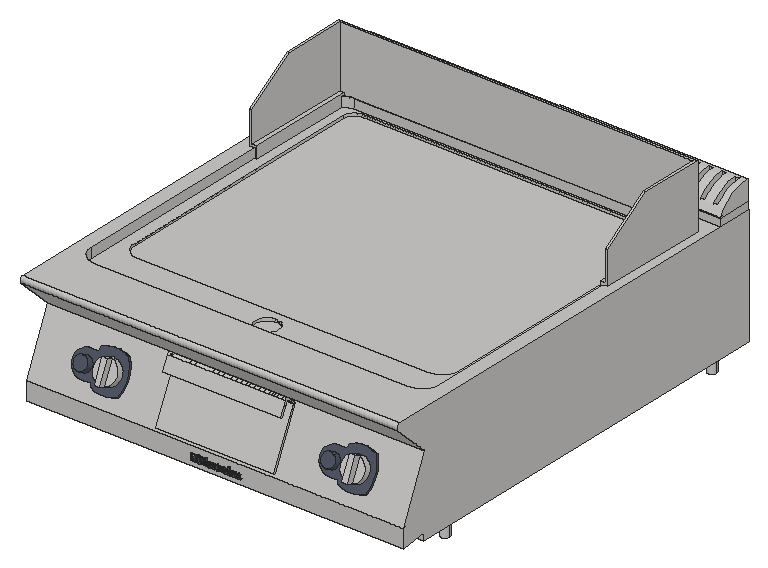
Revit family "QF_ELECTROLUXPROFESSIONAL_391401_E9IINAAOMEA", category Specialty Equipment, Revit 2018
Family settings
  Round Connector Dimension = Use Diameter
  Part Type = Normal
  Work Plane-Based = No
  Always vertical = Yes
  Cut with Voids When Loaded = No
  Shared = No
  Room Calculation Point = No
Parameters
  Width = 800 mm  # constant formula
  Weight in Pounds = 105  # constant formula
  Watts = 0 W
  URL Cutsheet = "www.electrolux.com/foodservice"
  URL = "www.electrolux.com/foodservice"
  Type Mark [instance] = ""
  Status [instance] = ""
  Specification by User [instance] = ""
  Specification by Manufacturer = ""
  Show Logo [instance] = yes
  Show Clearance [instance] = yes
  Serial Number = ""
  Seismic Rating = ""
  SMACNA No = ""
  Revision Code [instance] = ""
  Omniclass Number and Title = ""
  NAFEM Spec ID Number = ""
  Model = "391050"
  Mechanical Remarks [instance] = ""
  Mechanical Connection Type [instance] = ""
  Masterspec = ""
  Manufacturer = "ELECTROLUX"
  Item Number [instance] = ""
  Installed By [instance] = ""
  Identify Quantity as Lot [instance] = yes
  Height = 410 mm  # constant formula
  HP = "0 HP"
  Gas Size = 1/2"
  Gas RI Height [instance] = 0 mm
  Gas KW [instance] = 20
  Gas Input [instance] = 68180.0 Btu/h
  Gas Connection Height = 0 mm
  Furnished By [instance] = ""
  Foodservice Equipment Identifier [instance] = yes
  Direct Waste Size = 0"
  Description = "900XP FULL MODULE GAS FRY TOP, SMOOTH HORIZONTAL PLATE, MILD STEEL"
  Depth = 930 mm  # constant formula
  CSI MasterFormat = ""
  CSI Master Format = ""
  Base Height [instance] = 24 mm  # constant formula
Reference planes
  plane 1 "BACK": y = 0
  plane 2: z = 0
  plane 3 "LEFT": x = 0
  plane 4 "RIGHT": x = 800
  plane 5 "FRONT": y = -930
  plane 6 "TOP": z = 410
  plane 7 "Center Y": x = 400
  plane 8 "Center X": y = -465
  plane 9 "BASE": z = 24
  plane 10: y = -790
  plane 11: y = -82
  plane 12: x = 348
  plane 13: y = -1045
  plane 14: z = 275
  plane 15: y = -664
  plane 16: y = -346.873
Forms (mm)
  Extrusion 1, solid, material "QF_Clearances", visible <- "Show Clearance", detail levels coarse
    sketch origin (0, 0, 0) x (1, 0, 0) y (0, 1, 0)
      loop
        line (0, -930) -> (0, 0) -> (800.05, 0) -> (800.05, -930) -> (900.069, -930) -> (900.069, 100.019) -> (-100.019, 100.019) -> (-100.019, -930) -> (0, -930)
    from 0 to 410
  Extrusion 2, solid, material "QF_Finishes_Stainless Steel"
    sketch origin (0, 0, 0) x (0, 1, 0) y (0, 0, 1)
      loop
        line (0, 275) -> (-923.497, 275)
        arc (-923.497, 275) -> (-929.729, 270.836) -> (-928.267, 263.485) r 6.745
        line (-928.267, 263.485) -> (-856.416, 192.634) -> (-913.772, 70.59) -> (-913.772, 32.49) -> (-859.4, 38.1) -> (-859.4, 24) -> (0, 24) -> (0, 275)
    from 0 to 800
  Extrusion 3, void
    sketch origin (0, -202.381, 275.4) x (-1, 0, 0) y (0, -1, 0)
      loop
        arc (-55.4, -88.381) -> (-37.439, -80.942) -> (-30, -62.981) r 25.4
        line (-30, -62.981) -> (-30, 578.98)
        arc (-30, 578.98) -> (-40.99, 605.513) -> (-67.523, 616.504) r 37.523
        line (-67.523, 616.504) -> (-732.477, 616.504)
        arc (-732.477, 616.504) -> (-759.01, 605.513) -> (-770, 578.98) r 37.523
        line (-770, 578.98) -> (-770, -62.981)
        arc (-770, -62.981) -> (-762.561, -80.942) -> (-744.6, -88.381) r 25.4
        line (-744.6, -88.381) -> (-55.4, -88.381)
    from 0 to -20
  Extrusion 4, solid, material "QF_Finishes_Stainless Steel"
    sketch origin (0, -200, 0) x (1, 0, 0) y (0, 1, 0)
      loop
        circle (11.112, 118) r 9.525
      loop
        circle (11.112, -590) r 9.525
      loop
        circle (788.887, 118) r 9.525
      loop
        circle (788.888, -590) r 9.525
    from 0 to 24
  Extrusion 5, solid, material "QF_Finishes_Navy Blue - Electrolux", visible <- "Show Logo"
    sketch origin (0, -913.772, 32.49) x (0, 0, 1) y (-1, 0, 0)
      loop
        line (24.036, -359.438) -> (11.67, -359.438)
        arc (11.67, -359.438) -> (17.853, -364.009) -> (24.036, -359.438) r 6.467
      loop
        arc (24.036, -358.809) -> (22.867, -353.666) -> (18.212, -351.188) r 6.338
        line (18.212, -351.188) -> (18.212, -353.234)
        arc (18.212, -353.234) -> (19.695, -356.889) -> (23.141, -358.809) r 5.941
        line (23.141, -358.809) -> (24.036, -358.809)
      loop
        arc (12.565, -358.809) -> (16.011, -356.889) -> (17.495, -353.234) r 5.941
        line (17.495, -353.234) -> (17.495, -351.188)
        arc (17.495, -351.188) -> (12.8, -353.662) -> (11.511, -358.809) r 6.504
        line (11.511, -358.809) -> (12.565, -358.809)
      loop
        line (24.711, -350.719) -> (10.967, -350.719) -> (10.967, -364.482) -> (24.711, -364.482) -> (24.711, -350.719)
      loop
        arc (24.795, -367.449) -> (24.447, -367.092) -> (24.08, -367.43) r 0.358
        arc (24.08, -367.43) -> (23.766, -368.18) -> (23.049, -368.565) r 1.216
        line (23.049, -368.565) -> (12.637, -368.565)
        arc (12.637, -368.565) -> (11.977, -368.287) -> (11.581, -367.691) r 1.238
        arc (11.581, -367.691) -> (11.186, -367.44) -> (10.88, -367.794) r 0.358
        line (10.88, -367.794) -> (10.88, -377.673) -> (13.631, -377.673) -> (13.631, -376.776)
        arc (13.631, -376.776) -> (12.722, -376.196) -> (12.267, -375.219) r 1.928
        line (12.267, -375.219) -> (12.267, -372.719)
        arc (12.267, -372.719) -> (12.542, -371.991) -> (13.231, -371.627) r 1.101
        line (13.231, -371.627) -> (17.317, -371.627) -> (17.317, -375.3)
        arc (17.317, -375.3) -> (16.965, -375.797) -> (16.399, -376.025) r 1.083
        arc (16.399, -376.025) -> (16.136, -376.331) -> (16.428, -376.609) r 0.292
        line (16.428, -376.609) -> (19.39, -376.609)
        arc (19.39, -376.609) -> (19.693, -376.336) -> (19.454, -376.006) r 0.305
        arc (19.454, -376.006) -> (18.964, -375.758) -> (18.659, -375.3) r 1.083
        line (18.659, -375.3) -> (18.659, -371.627) -> (23.336, -371.627) -> (23.336, -375.374)
        arc (23.336, -375.374) -> (23.122, -376.13) -> (22.515, -376.628) r 1.314
        arc (22.515, -376.628) -> (22.296, -377.032) -> (22.651, -377.324) r 0.361
        line (22.651, -377.324) -> (24.795, -377.324) -> (24.795, -367.449)
      loop
        arc (24.078, -378.105) -> (23.697, -379.023) -> (22.779, -379.404) r 1.299
        line (22.779, -379.404) -> (13.2, -379.404)
        arc (13.2, -379.404) -> (12.362, -379.026) -> (12.09, -378.148) r 1.118
        line (12.09, -378.148) -> (10.88, -378.148) -> (10.88, -383.498) -> (12.069, -383.498)
        arc (12.069, -383.498) -> (12.34, -382.581) -> (13.21, -382.185) r 1.153
        line (13.21, -382.185) -> (25.283, -382.185) -> (24.078, -378.105)
      loop
        line (15.845, -386.134) -> (15.845, -392.581) -> (16.644, -392.581)
        arc (16.644, -392.581) -> (19.225, -391.597) -> (20.493, -389.143) r 3.874
        line (20.493, -389.143) -> (20.493, -387.383)
        arc (20.493, -387.383) -> (19.307, -384.518) -> (16.442, -383.332) r 4.051
        line (16.442, -383.332) -> (14.434, -383.332)
        arc (14.434, -383.332) -> (11.616, -384.816) -> (10.564, -387.824) r 4.352
        arc (10.564, -387.824) -> (10.928, -390.287) -> (12.306, -392.361) r 5.713
        line (12.306, -392.361) -> (13.255, -392.361)
        arc (13.255, -392.361) -> (12.522, -390.792) -> (12.306, -389.074) r 5.579
        arc (12.306, -389.074) -> (13.1, -387.111) -> (14.979, -386.134) r 3.057
        line (14.979, -386.134) -> (15.845, -386.134)
      loop
        line (17.104, -386.134) -> (17.104, -389.716)
        arc (17.104, -389.716) -> (18.561, -389.763) -> (19.444, -388.604) r 1.59
        line (19.444, -388.604) -> (19.444, -387.774)
        arc (19.444, -387.774) -> (18.58, -386.519) -> (17.104, -386.134) r 2.184
      loop
        arc (19.895, -401.999) -> (20.384, -400.325) -> (20.542, -398.588) r 9.023
        line (20.542, -398.588) -> (20.542, -397.225)
        arc (20.542, -397.225) -> (19.382, -394.426) -> (16.583, -393.266) r 3.959
        line (16.583, -393.266) -> (13.982, -393.266)
        arc (13.982, -393.266) -> (11.701, -394.559) -> (10.583, -396.932) r 4.331
        line (10.583, -396.932) -> (10.583, -399.067)
        arc (10.583, -399.067) -> (11.092, -400.617) -> (12.013, -401.963) r 5.772
        arc (12.013, -401.963) -> (12.775, -402.014) -> (12.861, -401.255) r 0.553
        arc (12.861, -401.255) -> (12.474, -400.521) -> (12.34, -399.702) r 2.573
        line (12.34, -399.702) -> (12.34, -398.187)
        arc (12.34, -398.187) -> (13.346, -396.545) -> (15.16, -395.903) r 2.884
        line (15.16, -395.903) -> (16.439, -395.903)
        arc (16.439, -395.903) -> (18.26, -396.463) -> (19.187, -398.128) r 2.554
        line (19.187, -398.128) -> (19.187, -399.181)
        arc (19.187, -399.181) -> (18.855, -400.109) -> (18.198, -400.844) r 2.564
        arc (18.198, -400.844) -> (17.977, -401.561) -> (18.586, -401.999) r 0.643
        line (18.586, -401.999) -> (19.895, -401.999)
      loop
        line (18.877, -402.269) -> (18.877, -403.77) -> (12.829, -403.77)
        arc (12.829, -403.77) -> (11.241, -404.428) -> (10.583, -406.016) r 2.246
        line (10.583, -406.016) -> (10.583, -407.6)
        arc (10.583, -407.6) -> (10.897, -408.464) -> (11.398, -409.236) r 4.06
        arc (11.398, -409.236) -> (12.13, -409.369) -> (12.382, -408.668) r 0.576
        arc (12.382, -408.668) -> (12.276, -408.142) -> (12.34, -407.61) r 1.69
        arc (12.34, -407.61) -> (12.881, -406.822) -> (13.788, -406.519) r 1.506
        line (13.788, -406.519) -> (18.926, -406.519) -> (18.926, -408.916) -> (19.482, -409.472) -> (20.304, -409.472) -> (20.304, -406.612) -> (23.535, -406.612) -> (18.877, -402.269)
      loop
        line (10.801, -410.37) -> (10.801, -415.757) -> (11.911, -415.757)
        arc (11.911, -415.757) -> (12.305, -414.806) -> (13.256, -414.412) r 1.345
        line (13.256, -414.412) -> (16.872, -414.412)
        arc (16.872, -414.412) -> (17.637, -415.003) -> (17.926, -415.926) r 1.615
        line (17.926, -415.926) -> (17.926, -417.482) -> (20.482, -418.167) -> (20.482, -416.784) -> (18.539, -414.225) -> (20.42, -414.225) -> (20.135, -411.519)
        arc (20.135, -411.519) -> (19.696, -410.989) -> (19.037, -411.19) r 0.621
        arc (19.037, -411.19) -> (18.636, -411.532) -> (18.142, -411.715) r 1.501
        line (18.142, -411.715) -> (13.256, -411.715)
        arc (13.256, -411.715) -> (12.305, -411.321) -> (11.911, -410.37) r 1.345
        line (11.911, -410.37) -> (10.801, -410.37)
      loop
        line (16.903, -417.704) -> (14.21, -417.704)
        arc (14.21, -417.704) -> (11.765, -419.012) -> (10.631, -421.542) r 4.288
        arc (10.631, -421.542) -> (10.568, -422.923) -> (10.631, -424.303) r 15.022
        arc (10.631, -424.303) -> (11.765, -426.833) -> (14.21, -428.141) r 4.288
        line (14.21, -428.141) -> (16.903, -428.141)
        arc (16.903, -428.141) -> (19.348, -426.833) -> (20.482, -424.303) r 4.288
        arc (20.482, -424.303) -> (20.546, -422.923) -> (20.482, -421.542) r 15.022
        arc (20.482, -421.542) -> (19.348, -419.012) -> (16.903, -417.704) r 4.288
      loop
        line (17.107, -420.818) -> (14.006, -420.818)
        arc (14.006, -420.818) -> (11.849, -422.975) -> (14.006, -425.132) r 2.157
        line (14.006, -425.132) -> (17.107, -425.132)
        arc (17.107, -425.132) -> (19.264, -422.975) -> (17.107, -420.818) r 2.157
      loop
        arc (24.088, -427.999) -> (23.718, -428.893) -> (22.824, -429.264) r 1.264
        line (22.824, -429.264) -> (12.959, -429.264)
        arc (12.959, -429.264) -> (12.089, -428.867) -> (11.818, -427.951) r 1.153
        line (11.818, -427.951) -> (10.88, -427.951) -> (10.88, -433.059) -> (11.809, -433.059)
        arc (11.809, -433.059) -> (12.168, -432.287) -> (12.959, -431.972) r 1.153
        line (12.959, -431.972) -> (25.283, -431.972) -> (24.088, -427.999)
      loop
        arc (19.208, -432.596) -> (19.009, -433.661) -> (18.04, -434.143) r 1.215
        line (18.04, -434.143) -> (13.02, -434.143)
        arc (13.02, -434.143) -> (11.406, -434.79) -> (10.685, -436.373) r 2.338
        line (10.685, -436.373) -> (10.685, -437.888)
        arc (10.685, -437.888) -> (10.859, -438.892) -> (11.362, -439.778) r 2.979
        line (11.362, -439.778) -> (10.88, -441.574) -> (10.88, -443.263) -> (20.306, -443.263) -> (20.012, -439.06) -> (19.225, -439.06)
        arc (19.225, -439.06) -> (18.87, -439.896) -> (18.117, -440.405) r 1.605
        line (18.117, -440.405) -> (13.015, -440.405)
        arc (13.015, -440.405) -> (12.594, -439.468) -> (12.522, -438.444) r 2.94
        arc (12.522, -438.444) -> (13.082, -437.343) -> (14.236, -436.9) r 1.724
        line (14.236, -436.9) -> (20.432, -436.9) -> (19.208, -432.596)
      loop
        line (20.237, -444.117) -> (18.564, -446.163) -> (15.391, -448.469) -> (11.934, -445.357)
        arc (11.934, -445.357) -> (11.697, -444.963) -> (11.719, -444.504) r 0.789
        line (11.719, -444.504) -> (10.88, -444.504) -> (10.88, -448.049) -> (11.707, -448.049)
        arc (11.707, -448.049) -> (12.049, -447.687) -> (12.539, -447.779) r 0.52
        line (12.539, -447.779) -> (14.339, -449.25) -> (12.22, -450.625)
        arc (12.22, -450.625) -> (11.819, -450.315) -> (11.733, -449.816) r 0.7
        line (11.733, -449.816) -> (10.88, -449.816) -> (10.88, -455.743) -> (11.767, -455.743)
        arc (11.767, -455.743) -> (11.834, -455.084) -> (12.229, -454.552) r 1.247
        line (12.229, -454.552) -> (16.428, -451.271) -> (18.876, -453.325) -> (20.237, -455.067) -> (20.237, -451.343) -> (18.752, -451.766) -> (17.23, -450.489) -> (18.93, -449.299) -> (20.237, -450.075) -> (20.237, -444.117)
    from 0 to 1.644
  Extrusion 6, solid, material "QF_Finishes_Stainless Steel"
    sketch origin (400, 175.397, 1219.2) x (0, 1, 0) y (0, 0, 1)
      loop
        line (-1034.547, -1030.322) -> (-1050.635, -1014.234)
        arc (-1050.635, -1014.234) -> (-1055.102, -1012.832) -> (-1058.806, -1015.696) r 5.058
        line (-1058.806, -1015.696) -> (-1071.468, -1043.206) -> (-1068.584, -1044.534) -> (-1055.922, -1017.024)
        arc (-1055.922, -1017.024) -> (-1054.543, -1015.957) -> (-1052.88, -1016.479) r 1.883
        line (-1052.88, -1016.479) -> (-1038.037, -1031.322) -> (-1088.871, -1141.767) -> (-1086.511, -1142.854) -> (-1034.547, -1030.322)
    from -125 to 125
  Extrusion 7, solid, material "QF_Door-Drawer Clearances", visible <- "Show Clearance", detail levels coarse
    sketch origin (0, -301.6, 0) x (0, 1, 0) y (0, 0, 1)
      loop
        line (-576.323, 206.368) -> (-709.631, 206.368)
        arc (-709.631, 206.368) -> (-711.835, 205.39) -> (-713.335, 203.504) r 5.058
        line (-713.335, 203.504) -> (-725.997, 175.994) -> (-723.113, 174.666) -> (-710.451, 202.176)
        arc (-710.451, 202.176) -> (-709.072, 203.243) -> (-707.409, 202.721) r 1.883
        line (-707.409, 202.721) -> (-692.566, 187.878) -> (-743.4, 77.433) -> (-740.516, 76.105) -> (-609.625, 76.105) -> (-557.55, 188.878) -> (-573.638, 204.966)
        arc (-573.638, 204.966) -> (-574.873, 205.873) -> (-576.323, 206.368) r 5.058
    from 275 to 525
  Extrusion 8, solid, material "QF_Finishes_Stainless Steel"
    sketch origin (0, 0, 24) x (-1, 0, 0) y (0, 1, 0)
      loop
        circle (-748, -664) r 6.4
    from 0 to 18
  Extrusion 9, solid, material "QF_Finishes_Stainless Steel"
    sketch origin (0, 0, 0) x (0, -1, 0) y (0, 0, 1)
      loop
        line (74.012, 275) -> (74.012, 290) -> (0, 290) -> (0, 275) -> (74.012, 275)
    from 0 to -400.05
  Extrusion 10, solid, material "QF_Finishes_Stainless Steel"
    sketch origin (0, 0, 0) x (0, 1, 0) y (0, 0, 1)
      loop
        line (0, 290) -> (0, 332.913)
        arc (0, 332.913) -> (-42.275, 322.697) -> (-74.012, 292.959) r 85.267
        line (-74.012, 292.959) -> (-74.012, 290) -> (0, 290)
    from 0 to 400
  Extrusion 11, void
    sketch origin (0, 0, 273.238) x (-1, 0, 0) y (0, -1, 0)
      loop
        line (-13.453, 6.761) -> (-13.453, 62.911) -> (-22.749, 62.911) -> (-22.749, 6.761) -> (-13.453, 6.761)
    from 25.4 to 63.5
  Extrusion 12, void
    sketch origin (400.05, 0, 273.238) x (1, 0, 0) y (0, 1, 0)
      loop
        line (-13.503, -6.761) -> (-22.799, -6.761) -> (-22.799, -62.911) -> (-13.503, -62.911) -> (-13.503, -6.761)
    from 25.4 to 63.5
  Extrusion 13, void
    sketch origin (27.988, 0, 273.238) x (-1, 0, 0) y (0, -1, 0)
      loop
        line (-13.453, 6.761) -> (-13.453, 62.911) -> (-22.749, 62.911) -> (-22.749, 6.761) -> (-13.453, 6.761)
    from 25.4 to 63.5
  Extrusion 14, void
    sketch origin (55.977, 0, 273.238) x (-1, 0, 0) y (0, -1, 0)
      loop
        line (-13.453, 6.761) -> (-13.453, 62.911) -> (-22.749, 62.911) -> (-22.749, 6.761) -> (-13.453, 6.761)
    from 25.4 to 63.5
  Extrusion 15, void
    sketch origin (83.965, 0, 273.238) x (-1, 0, 0) y (0, -1, 0)
      loop
        line (-13.428, 6.761) -> (-13.428, 62.911) -> (-22.724, 62.911) -> (-22.724, 6.761) -> (-13.428, 6.761)
    from 25.4 to 63.5
  Extrusion 16, void
    sketch origin (111.953, 0, 273.238) x (-1, 0, 0) y (0, -1, 0)
      loop
        line (-13.428, 6.761) -> (-13.428, 62.911) -> (-22.724, 62.911) -> (-22.724, 6.761) -> (-13.428, 6.761)
    from 25.4 to 63.5
  Extrusion 17, void
    sketch origin (139.942, 0, 273.238) x (-1, 0, 0) y (0, -1, 0)
      loop
        line (-13.428, 6.761) -> (-13.428, 62.911) -> (-22.724, 62.911) -> (-22.724, 6.761) -> (-13.428, 6.761)
    from 25.4 to 63.5
  Extrusion 18, void
    sketch origin (167.93, 0, 273.238) x (-1, 0, 0) y (0, -1, 0)
      loop
        line (-13.428, 6.761) -> (-13.428, 62.911) -> (-22.724, 62.911) -> (-22.724, 6.761) -> (-13.428, 6.761)
    from 25.4 to 63.5
  Extrusion 19, void
    sketch origin (307.872, 0, 273.238) x (-1, 0, 0) y (0, -1, 0)
      loop
        line (-13.403, 6.761) -> (-13.403, 62.911) -> (-22.699, 62.911) -> (-22.699, 6.761) -> (-13.403, 6.761)
    from 25.4 to 63.5
  Extrusion 20, void
    sketch origin (335.86, 0, 273.238) x (-1, 0, 0) y (0, -1, 0)
      loop
        line (-13.403, 6.761) -> (-13.403, 62.911) -> (-22.699, 62.911) -> (-22.699, 6.761) -> (-13.403, 6.761)
    from 25.4 to 63.5
  Extrusion 21, void
    sketch origin (228.013, 0, 273.238) x (-1, 0, 0) y (0, -1, 0)
      loop
        line (-13.428, 6.761) -> (-13.428, 62.911) -> (-22.724, 62.911) -> (-22.724, 6.761) -> (-13.428, 6.761)
    from 25.4 to 63.5
  Extrusion 22, void
    sketch origin (256.002, 0, 273.238) x (-1, 0, 0) y (0, -1, 0)
      loop
        line (-13.428, 6.761) -> (-13.428, 62.911) -> (-22.724, 62.911) -> (-22.724, 6.761) -> (-13.428, 6.761)
    from 25.4 to 63.5
  Extrusion 23, void
    sketch origin (283.99, 0, 273.238) x (-1, 0, 0) y (0, -1, 0)
      loop
        line (-13.403, 6.761) -> (-13.403, 62.911) -> (-22.699, 62.911) -> (-22.699, 6.761) -> (-13.403, 6.761)
    from 25.4 to 63.5
  Extrusion 24, void
    sketch origin (200.025, 0, 273.238) x (-1, 0, 0) y (0, -1, 0)
      loop
        line (-13.428, 6.761) -> (-13.428, 62.911) -> (-22.724, 62.911) -> (-22.724, 6.761) -> (-13.428, 6.761)
    from 25.4 to 63.5
  Extrusion 25, void
    sketch origin (0, -202.381, 255.4) x (0, -1, 0) y (-1, 0, 0)
      loop
        arc (-57.619, -55) -> (-75.579, -62.439) -> (-83.019, -80.4) r 25.4
        line (-83.019, -80.4) -> (-83.019, -719.6)
        arc (-83.019, -719.6) -> (-75.579, -737.561) -> (-57.619, -745) r 25.4
        line (-57.619, -745) -> (493.98, -745)
        arc (493.98, -745) -> (520.513, -734.01) -> (531.504, -707.477) r 37.523
        line (531.504, -707.477) -> (531.504, -92.523)
        arc (531.504, -92.523) -> (520.513, -65.99) -> (493.98, -55) r 37.523
        line (493.98, -55) -> (-57.619, -55)
      loop
        circle (572.619, -400) r 25
    from 0 to 5
  Extrusion 26, void
    sketch origin (785, 0, 275) x (0, 0, -1) y (0, -1, 0)
      loop
        line (-70, 346.873) -> (-135, 346.873) -> (-135, 246.781) -> (-70, 346.873)
    from 0 to 12.7
  Extrusion 27, void
    sketch origin (25, 0, 292.959) x (0, 0, -1) y (0, -1, 0)
      loop
        line (-52.041, 346.873) -> (-117.041, 346.873) -> (-117.041, 246.781) -> (-52.041, 346.873)
    from 0 to 12.7
  Extrusion 28, solid, material "QF_Finishes_Stainless Steel"
    sketch origin (0, -110, 275) x (0, 0, -1) y (-1, 0, 0)
      loop
        line (-135, -20) -> (-135, -780) -> (0, -780) -> (0, -20) -> (-135, -20)
    from 0 to -5
  Extrusion 29, solid, material "QF_Finishes_Stainless Steel"
    sketch origin (800, 0, 0) x (0, -1, 0) y (0, 0, -1)
      loop
        line (74.012, -275) -> (0, -275) -> (0, -290) -> (74.012, -290) -> (74.012, -275)
    from 0 to -400.05
  Extrusion 30, solid, material "QF_Finishes_Stainless Steel"
    sketch origin (800, 0, 0) x (0, 1, 0) y (0, 0, -1)
      loop
        line (0, -290) -> (-74.012, -290) -> (-74.012, -292.959)
        arc (-74.012, -292.959) -> (-42.486, -323.301) -> (0, -333.762) r 84.334
        line (0, -333.762) -> (0, -290)
    from 0 to 400
  Extrusion 31, void
    sketch origin (800, 0, 273.238) x (1, 0, 0) y (0, 1, 0)
      loop
        line (-13.453, -6.761) -> (-22.749, -6.761) -> (-22.749, -62.911) -> (-13.453, -62.911) -> (-13.453, -6.761)
    from 25.4 to 63.5
  Extrusion 32, void
    sketch origin (399.95, 0, 273.238) x (-1, 0, 0) y (0, -1, 0)
      loop
        line (-13.503, 6.761) -> (-13.503, 62.911) -> (-22.799, 62.911) -> (-22.799, 6.761) -> (-13.503, 6.761)
    from 25.4 to 63.5
  Extrusion 33, void
    sketch origin (772.012, 0, 273.238) x (1, 0, 0) y (0, 1, 0)
      loop
        line (-13.453, -6.761) -> (-22.749, -6.761) -> (-22.749, -62.911) -> (-13.453, -62.911) -> (-13.453, -6.761)
    from 25.4 to 63.5
  Extrusion 34, void
    sketch origin (744.023, 0, 273.238) x (1, 0, 0) y (0, 1, 0)
      loop
        line (-13.453, -6.761) -> (-22.749, -6.761) -> (-22.749, -62.911) -> (-13.453, -62.911) -> (-13.453, -6.761)
    from 25.4 to 63.5
  Extrusion 35, void
    sketch origin (716.035, 0, 273.238) x (1, 0, 0) y (0, 1, 0)
      loop
        line (-13.428, -6.761) -> (-22.724, -6.761) -> (-22.724, -62.911) -> (-13.428, -62.911) -> (-13.428, -6.761)
    from 25.4 to 63.5
  Extrusion 36, void
    sketch origin (688.047, 0, 273.238) x (1, 0, 0) y (0, 1, 0)
      loop
        line (-13.428, -6.761) -> (-22.724, -6.761) -> (-22.724, -62.911) -> (-13.428, -62.911) -> (-13.428, -6.761)
    from 25.4 to 63.5
  Extrusion 37, void
    sketch origin (660.058, 0, 273.238) x (1, 0, 0) y (0, 1, 0)
      loop
        line (-13.428, -6.761) -> (-22.724, -6.761) -> (-22.724, -62.911) -> (-13.428, -62.911) -> (-13.428, -6.761)
    from 25.4 to 63.5
  Extrusion 38, void
    sketch origin (632.07, 0, 273.238) x (1, 0, 0) y (0, 1, 0)
      loop
        line (-13.428, -6.761) -> (-22.724, -6.761) -> (-22.724, -62.911) -> (-13.428, -62.911) -> (-13.428, -6.761)
    from 25.4 to 63.5
  Extrusion 39, void
    sketch origin (492.128, 0, 273.238) x (1, 0, 0) y (0, 1, 0)
      loop
        line (-13.403, -6.761) -> (-22.699, -6.761) -> (-22.699, -62.911) -> (-13.403, -62.911) -> (-13.403, -6.761)
    from 25.4 to 63.5
  Extrusion 40, void
    sketch origin (464.14, 0, 273.238) x (1, 0, 0) y (0, 1, 0)
      loop
        line (-13.403, -6.761) -> (-22.699, -6.761) -> (-22.699, -62.911) -> (-13.403, -62.911) -> (-13.403, -6.761)
    from 25.4 to 63.5
  Extrusion 41, void
    sketch origin (571.987, 0, 273.238) x (1, 0, 0) y (0, 1, 0)
      loop
        line (-13.428, -6.761) -> (-22.724, -6.761) -> (-22.724, -62.911) -> (-13.428, -62.911) -> (-13.428, -6.761)
    from 25.4 to 63.5
  Extrusion 42, void
    sketch origin (543.998, 0, 273.238) x (1, 0, 0) y (0, 1, 0)
      loop
        line (-13.428, -6.761) -> (-22.724, -6.761) -> (-22.724, -62.911) -> (-13.428, -62.911) -> (-13.428, -6.761)
    from 25.4 to 63.5
  Extrusion 43, void
    sketch origin (516.01, 0, 273.238) x (1, 0, 0) y (0, 1, 0)
      loop
        line (-13.403, -6.761) -> (-22.699, -6.761) -> (-22.699, -62.911) -> (-13.403, -62.911) -> (-13.403, -6.761)
    from 25.4 to 63.5
  Extrusion 44, void
    sketch origin (599.975, 0, 273.238) x (1, 0, 0) y (0, 1, 0)
      loop
        line (-13.428, -6.761) -> (-22.724, -6.761) -> (-22.724, -62.911) -> (-13.428, -62.911) -> (-13.428, -6.761)
    from 25.4 to 63.5
  Extrusion 45, solid, material "QF_Finishes_Navy Blue - Electrolux"
    sketch origin (520.456, -913.772, 69.19) x (0, 0.419232, 0.907879) y (-1, 0, 0)
      loop
        arc (102.26, -132.62) -> (97.637, -130.762) -> (92.92, -129.161) r 90.355
        arc (92.92, -129.161) -> (93.04, -117.639) -> (92.027, -106.161) r 117.12
        arc (92.027, -106.161) -> (66.337, -82.611) -> (38.409, -103.459) r 27.322
        arc (38.409, -103.459) -> (36.611, -116.6) -> (37.509, -129.833) r 65.199
        arc (37.509, -129.833) -> (34.4, -130.94) -> (31.333, -132.16) r 90.355
        arc (31.333, -132.16) -> (24.504, -161.269) -> (31.333, -190.378) r 65.456
        arc (31.333, -190.378) -> (66.877, -199.452) -> (102.26, -189.765) r 71.728
        arc (102.26, -189.765) -> (108.852, -161.193) -> (102.26, -132.62) r 65.22
      loop
        arc (102.26, 392.38) -> (97.637, 394.238) -> (92.92, 395.839) r 90.355
        arc (92.92, 395.839) -> (93.04, 407.361) -> (92.027, 418.839) r 117.12
        arc (92.027, 418.839) -> (66.337, 442.389) -> (38.409, 421.541) r 27.322
        arc (38.409, 421.541) -> (36.611, 408.4) -> (37.509, 395.167) r 65.199
        arc (37.509, 395.167) -> (34.4, 394.06) -> (31.333, 392.84) r 90.355
        arc (31.333, 392.84) -> (24.504, 363.731) -> (31.333, 334.622) r 65.456
        arc (31.333, 334.622) -> (66.877, 325.548) -> (102.26, 335.235) r 71.728
        arc (102.26, 335.235) -> (108.852, 363.807) -> (102.26, 392.38) r 65.22
    from 0 to 3.175
  Extrusion 46, solid, material "QF_Finishes_Stainless Steel"
    sketch origin (520.456, -917.486, 68.721) x (0, 0.419232, 0.907879) y (-1, 0, 0)
      loop
        circle (68.826, -160.963) r 25.4
      loop
        circle (68.826, 364.037) r 25.4
    from 0 to 12.7
  Extrusion 47, solid, material "QF_Finishes_Stainless Steel"
    sketch origin (520.456, -929.016, 74.045) x (0, 0.419232, 0.907879) y (-1, 0, 0)
      loop
        arc (93.558, -166.749) -> (94.226, -160.963) -> (93.558, -155.177) r 25.4
        line (93.558, -155.177) -> (44.094, -155.177)
        arc (44.094, -155.177) -> (43.426, -160.963) -> (44.094, -166.749) r 25.4
        line (44.094, -166.749) -> (93.558, -166.749)
      loop
        arc (93.558, 358.251) -> (94.226, 364.037) -> (93.558, 369.823) r 25.4
        line (93.558, 369.823) -> (44.094, 369.823)
        arc (44.094, 369.823) -> (43.426, 364.037) -> (44.094, 358.251) r 25.4
        line (44.094, 358.251) -> (93.558, 358.251)
    from 0 to 12.7
  Extrusion 48, solid, material "QF_Finishes_Navy Blue - Electrolux"
    sketch origin (520.456, -916.655, 70.521) x (0, 0.419232, 0.907879) y (-1, 0, 0)
      loop
        circle (65.09, -109.237) r 15
      loop
        circle (65.09, 415.763) r 15
    from 0 to 12.7
  Extrusion 49, solid, material "QF_Finishes_Stainless Steel"
    sketch origin (0, 0, 275) x (0, 0, -1) y (-1, 0, 0)
      loop
        line (19.6, -30) -> (0, -30) -> (0, -20) -> (-135, -20) -> (-135, -25) -> (-5, -25) -> (-5, -35) -> (19.6, -35) -> (19.6, -30)
      loop
        line (19.6, -770) -> (19.6, -765) -> (-5, -765) -> (-5, -775) -> (-135, -775) -> (-135, -780) -> (0, -780) -> (0, -770) -> (19.6, -770)
    from -110 to -346.873
Cuts and joins
  Extrusion 3, Extrusion 25 cuts Extrusion 2
  Extrusion 3 cuts Extrusion 28
  Extrusion 26, Extrusion 27 cuts Extrusion 49
  joined: Extrusion 2, Extrusion 28, Extrusion 49
  Extrusion 11, Extrusion 12, Extrusion 13, Extrusion 14, Extrusion 15, Extrusion 16, Extrusion 17, Extrusion 18, Extrusion 19, Extrusion 20, Extrusion 21, Extrusion 22, Extrusion 23, Extrusion 24, Extrusion 31, Extrusion 32, Extrusion 33, Extrusion 34, Extrusion 35, Extrusion 36, Extrusion 37, Extrusion 38, Extrusion 39, Extrusion 40, Extrusion 41, Extrusion 42, Extrusion 43, Extrusion 44 cuts Extrusion 10
  Extrusion 31, Extrusion 32, Extrusion 33, Extrusion 34, Extrusion 35, Extrusion 36, Extrusion 37, Extrusion 38, Extrusion 39, Extrusion 40, Extrusion 41, Extrusion 42, Extrusion 43, Extrusion 44 cuts Extrusion 30
Lines and regions (mm)
  Split face 1
    outline origin (520.456, -928.185, 75.846) x (0, 0.419232, 0.907879) y (-1, 0, 0)
      loop
        line (78.679, -108.296) -> (67.103, -108.296) -> (67.103, -110.296) -> (78.679, -110.296) -> (78.679, -108.296)
  Split face 2
    outline origin (520.456, -928.185, 75.846) x (0, 0.419232, 0.907879) y (-1, 0, 0)
      loop
        line (78.679, 414.704) -> (78.679, 416.704) -> (67.103, 416.704) -> (67.103, 414.704) -> (78.679, 414.704)
  symbolic lines, style "QF_Clearances", visible <- "Show Clearance", detail levels coarse
    curve 1: line (-100.019, 100.019, 276.225) -> (-100.019, -930, 276.225)
    curve 2: line (900.069, 100.019, 276.225) -> (-100.019, 100.019, 276.225)
    curve 3: line (900.069, -930, 276.225) -> (900.069, 100.019, 276.225)
  symbolic lines
    curve 4: line (0, -74.012, 276.225) -> (800.05, -74.012, 276.225)
    curve 5: line (0, -930.25, 276.225) -> (0, 0, 276.225)
    curve 6: line (800.05, 0, 276.225) -> (800.05, -930.25, 276.225)
    curve 7: line (30, -346.873, 276.225) -> (30, -781.362, 276.225)
    curve 8: arc (30, -781.362, 276.225) -> (40.99, -807.895, 276.225) -> (67.523, -818.885, 276.225) r 37.523
    curve 9: arc (732.477, -818.885, 276.225) -> (759.01, -807.895, 276.225) -> (770, -781.362, 276.225) r 37.523
    curve 10: line (770, -781.362, 276.225) -> (770, -346.873, 276.225)
    curve 11: line (800.05, -930.25, 276.225) -> (0, -930.25, 276.225)
    curve 12: line (67.523, -818.885, 276.225) -> (732.477, -818.885, 276.225)
    curve 16: line (0, 0, 276.225) -> (800.05, 0, 276.225)
    curve 17: line (22.749, -6.761, 276.225) -> (22.749, -62.911, 276.225)
    curve 18: line (22.749, -62.911, 276.225) -> (13.453, -62.911, 276.225)
    curve 19: line (13.453, -62.911, 276.225) -> (13.453, -6.761, 276.225)
    curve 20: line (13.453, -6.761, 276.225) -> (22.749, -6.761, 276.225)
    curve 21: line (50.737, -6.761, 276.225) -> (50.737, -62.911, 276.225)
    curve 22: line (50.737, -62.911, 276.225) -> (41.441, -62.911, 276.225)
    curve 23: line (41.441, -62.911, 276.225) -> (41.441, -6.761, 276.225)
    curve 24: line (41.441, -6.761, 276.225) -> (50.737, -6.761, 276.225)
    curve 25: line (78.725, -6.761, 276.225) -> (78.725, -62.911, 276.225)
    curve 26: line (78.725, -62.911, 276.225) -> (69.43, -62.911, 276.225)
    curve 27: line (69.43, -62.911, 276.225) -> (69.43, -6.761, 276.225)
    curve 28: line (69.43, -6.761, 276.225) -> (78.725, -6.761, 276.225)
    curve 29: line (106.689, -6.761, 276.225) -> (106.689, -62.911, 276.225)
    curve 30: line (106.689, -62.911, 276.225) -> (97.393, -62.911, 276.225)
    curve 31: line (97.393, -62.911, 276.225) -> (97.393, -6.761, 276.225)
    curve 32: line (97.393, -6.761, 276.225) -> (106.689, -6.761, 276.225)
    curve 33: line (134.677, -6.761, 276.225) -> (134.677, -62.911, 276.225)
    curve 34: line (134.677, -62.911, 276.225) -> (125.381, -62.911, 276.225)
    curve 35: line (125.381, -62.911, 276.225) -> (125.381, -6.761, 276.225)
    curve 36: line (125.381, -6.761, 276.225) -> (134.677, -6.761, 276.225)
    curve 37: line (162.665, -6.761, 276.225) -> (162.665, -62.911, 276.225)
    curve 38: line (162.665, -62.911, 276.225) -> (153.37, -62.911, 276.225)
    curve 39: line (153.37, -62.911, 276.225) -> (153.37, -6.761, 276.225)
    curve 40: line (153.37, -6.761, 276.225) -> (162.665, -6.761, 276.225)
    curve 41: line (190.654, -6.761, 276.225) -> (190.654, -62.911, 276.225)
    curve 42: line (190.654, -62.911, 276.225) -> (181.358, -62.911, 276.225)
    curve 43: line (181.358, -62.911, 276.225) -> (181.358, -6.761, 276.225)
    curve 44: line (181.358, -6.761, 276.225) -> (190.654, -6.761, 276.225)
    curve 45: line (222.749, -6.761, 276.225) -> (222.749, -62.911, 276.225)
    curve 46: line (222.749, -62.911, 276.225) -> (213.453, -62.911, 276.225)
    curve 47: line (213.453, -62.911, 276.225) -> (213.453, -6.761, 276.225)
    curve 48: line (213.453, -6.761, 276.225) -> (222.749, -6.761, 276.225)
    curve 49: line (250.737, -6.761, 276.225) -> (250.737, -62.911, 276.225)
    curve 50: line (250.737, -62.911, 276.225) -> (241.441, -62.911, 276.225)
    curve 51: line (241.441, -62.911, 276.225) -> (241.441, -6.761, 276.225)
    curve 52: line (241.441, -6.761, 276.225) -> (250.737, -6.761, 276.225)
    curve 53: line (278.725, -6.761, 276.225) -> (278.725, -62.911, 276.225)
    curve 54: line (278.725, -62.911, 276.225) -> (269.43, -62.911, 276.225)
    curve 55: line (269.43, -62.911, 276.225) -> (269.43, -6.761, 276.225)
    curve 56: line (269.43, -6.761, 276.225) -> (278.725, -6.761, 276.225)
    curve 57: line (306.689, -6.761, 276.225) -> (306.689, -62.911, 276.225)
    curve 58: line (306.689, -62.911, 276.225) -> (297.393, -62.911, 276.225)
    curve 59: line (297.393, -62.911, 276.225) -> (297.393, -6.761, 276.225)
    curve 60: line (297.393, -6.761, 276.225) -> (306.689, -6.761, 276.225)
    curve 61: line (330.57, -6.761, 276.225) -> (330.57, -62.911, 276.225)
    curve 62: line (330.57, -62.911, 276.225) -> (321.275, -62.911, 276.225)
    curve 63: line (321.275, -62.911, 276.225) -> (321.275, -6.761, 276.225)
    curve 64: line (321.275, -6.761, 276.225) -> (330.57, -6.761, 276.225)
    curve 65: line (358.559, -6.761, 276.225) -> (358.559, -62.911, 276.225)
    curve 66: line (358.559, -62.911, 276.225) -> (349.263, -62.911, 276.225)
    curve 67: line (349.263, -62.911, 276.225) -> (349.263, -6.761, 276.225)
    curve 68: line (349.263, -6.761, 276.225) -> (358.559, -6.761, 276.225)
    curve 69: line (386.547, -6.761, 276.225) -> (386.547, -62.911, 276.225)
    curve 70: line (386.547, -62.911, 276.225) -> (377.251, -62.911, 276.225)
    curve 71: line (377.251, -62.911, 276.225) -> (377.251, -6.761, 276.225)
    curve 72: line (377.251, -6.761, 276.225) -> (386.547, -6.761, 276.225)
    curve 73: line (20, -109, 276.225) -> (20, -346.873, 276.225)
    curve 74: line (785, -109, 276.225) -> (20, -109, 276.225)
    curve 75: line (785, -346.873, 276.225) -> (785, -109, 276.225)
    curve 76: line (20, -346.873, 276.225) -> (35, -346.873, 276.225)
    curve 77: line (765, -346.873, 276.225) -> (785, -346.873, 276.225)
    curve 78: arc (55, -144.762, 276.225) -> (62.439, -126.802, 276.225) -> (80.4, -119.362, 276.225) r 25.4
    curve 79: line (80.4, -119.362, 276.225) -> (719.6, -119.362, 276.225)
    curve 80: arc (719.6, -119.362, 276.225) -> (737.561, -126.802, 276.225) -> (745, -144.762, 276.225) r 25.4
    curve 81: line (745, -144.762, 276.225) -> (745, -695.362, 276.225)
    curve 82: arc (745, -695.362, 276.225) -> (734.01, -721.895, 276.225) -> (707.477, -732.885, 276.225) r 37.523
    curve 83: line (707.477, -732.885, 276.225) -> (92.523, -732.885, 276.225)
    curve 84: arc (92.523, -732.885, 276.225) -> (65.99, -721.895, 276.225) -> (55, -695.362, 276.225) r 37.523
    curve 85: line (55, -695.362, 276.225) -> (55, -144.762, 276.225)
    curve 86: line (765, -346.873, 276.225) -> (765, -114, 276.225)
    curve 87: line (780, -114, 276.225) -> (780, -346.873, 276.225)
    curve 88: line (35, -346.873, 276.225) -> (35, -114, 276.225)
    curve 89: line (25, -346.873, 276.225) -> (25, -114, 276.225)
    curve 90: line (35, -114, 276.225) -> (780, -114, 276.225)
    curve 91: arc (765, -124.267, 276.225) -> (756.019, -116.712, 276.225) -> (744.6, -114, 276.225) r 25.4
    curve 92: arc (55.4, -114, 276.225) -> (43.981, -116.712, 276.225) -> (35, -124.267, 276.225) r 25.4
    curve 93: line (777.251, -6.761, 276.225) -> (777.251, -62.911, 276.225)
    curve 94: line (777.251, -62.911, 276.225) -> (786.547, -62.911, 276.225)
    curve 95: line (786.547, -62.911, 276.225) -> (786.547, -6.761, 276.225)
    curve 96: line (786.547, -6.761, 276.225) -> (777.251, -6.761, 276.225)
    curve 97: line (749.263, -6.761, 276.225) -> (749.263, -62.911, 276.225)
    curve 98: line (749.263, -62.911, 276.225) -> (758.559, -62.911, 276.225)
    curve 99: line (758.559, -62.911, 276.225) -> (758.559, -6.761, 276.225)
    curve 100: line (758.559, -6.761, 276.225) -> (749.263, -6.761, 276.225)
    curve 101: line (721.275, -6.761, 276.225) -> (721.275, -62.911, 276.225)
    curve 102: line (721.275, -62.911, 276.225) -> (730.57, -62.911, 276.225)
    curve 103: line (730.57, -62.911, 276.225) -> (730.57, -6.761, 276.225)
    curve 104: line (730.57, -6.761, 276.225) -> (721.275, -6.761, 276.225)
    curve 105: line (693.311, -6.761, 276.225) -> (693.311, -62.911, 276.225)
    curve 106: line (693.311, -62.911, 276.225) -> (702.607, -62.911, 276.225)
    curve 107: line (702.607, -62.911, 276.225) -> (702.607, -6.761, 276.225)
    curve 108: line (702.607, -6.761, 276.225) -> (693.311, -6.761, 276.225)
    curve 109: line (665.323, -6.761, 276.225) -> (665.323, -62.911, 276.225)
    curve 110: line (665.323, -62.911, 276.225) -> (674.619, -62.911, 276.225)
    curve 111: line (674.619, -62.911, 276.225) -> (674.619, -6.761, 276.225)
    curve 112: line (674.619, -6.761, 276.225) -> (665.323, -6.761, 276.225)
    curve 113: line (637.335, -6.761, 276.225) -> (637.335, -62.911, 276.225)
    curve 114: line (637.335, -62.911, 276.225) -> (646.63, -62.911, 276.225)
    curve 115: line (646.63, -62.911, 276.225) -> (646.63, -6.761, 276.225)
    curve 116: line (646.63, -6.761, 276.225) -> (637.335, -6.761, 276.225)
    curve 117: line (609.346, -6.761, 276.225) -> (609.346, -62.911, 276.225)
    curve 118: line (609.346, -62.911, 276.225) -> (618.642, -62.911, 276.225)
    curve 119: line (618.642, -62.911, 276.225) -> (618.642, -6.761, 276.225)
    curve 120: line (618.642, -6.761, 276.225) -> (609.346, -6.761, 276.225)
    curve 121: line (577.251, -6.761, 276.225) -> (577.251, -62.911, 276.225)
    curve 122: line (577.251, -62.911, 276.225) -> (586.547, -62.911, 276.225)
    curve 123: line (586.547, -62.911, 276.225) -> (586.547, -6.761, 276.225)
    curve 124: line (586.547, -6.761, 276.225) -> (577.251, -6.761, 276.225)
    curve 125: line (549.263, -6.761, 276.225) -> (549.263, -62.911, 276.225)
    curve 126: line (549.263, -62.911, 276.225) -> (558.559, -62.911, 276.225)
    curve 127: line (558.559, -62.911, 276.225) -> (558.559, -6.761, 276.225)
    curve 128: line (558.559, -6.761, 276.225) -> (549.263, -6.761, 276.225)
    curve 129: line (521.275, -6.761, 276.225) -> (521.275, -62.911, 276.225)
    curve 130: line (521.275, -62.911, 276.225) -> (530.57, -62.911, 276.225)
    curve 131: line (530.57, -62.911, 276.225) -> (530.57, -6.761, 276.225)
    curve 132: line (530.57, -6.761, 276.225) -> (521.275, -6.761, 276.225)
    curve 133: line (493.311, -6.761, 276.225) -> (493.311, -62.911, 276.225)
    curve 134: line (493.311, -62.911, 276.225) -> (502.607, -62.911, 276.225)
    curve 135: line (502.607, -62.911, 276.225) -> (502.607, -6.761, 276.225)
    curve 136: line (502.607, -6.761, 276.225) -> (493.311, -6.761, 276.225)
    curve 137: line (469.43, -6.761, 276.225) -> (469.43, -62.911, 276.225)
    curve 138: line (469.43, -62.911, 276.225) -> (478.725, -62.911, 276.225)
    curve 139: line (478.725, -62.911, 276.225) -> (478.725, -6.761, 276.225)
    curve 140: line (478.725, -6.761, 276.225) -> (469.43, -6.761, 276.225)
    curve 141: line (441.441, -6.761, 276.225) -> (441.441, -62.911, 276.225)
    curve 142: line (441.441, -62.911, 276.225) -> (450.737, -62.911, 276.225)
    curve 143: line (450.737, -62.911, 276.225) -> (450.737, -6.761, 276.225)
    curve 144: line (450.737, -6.761, 276.225) -> (441.441, -6.761, 276.225)
    curve 145: line (413.453, -6.761, 276.225) -> (413.453, -62.911, 276.225)
    curve 146: line (413.453, -62.911, 276.225) -> (422.749, -62.911, 276.225)
    curve 147: line (422.749, -62.911, 276.225) -> (422.749, -6.761, 276.225)
    curve 148: line (422.749, -6.761, 276.225) -> (413.453, -6.761, 276.225)
    curve 149: arc (400, -750, 276.225) -> (425, -775, 276.225) -> (400, -800, 276.225) r 25
    curve 150: arc (400, -800, 276.225) -> (375, -775, 276.225) -> (400, -750, 276.225) r 25
  symbolic lines, style "QF_Door-Drawer Clearances", visible <- "Show Clearance", detail levels coarse
    curve 13: line (275, -930.25, 276.225) -> (275, -1045, 276.225)
    curve 14: line (275, -1045, 276.225) -> (525, -1045, 276.225)
    curve 15: line (525, -1045, 276.225) -> (525, -930.25, 276.225)
Dimensions and locks
  equal spacing: plane 3 "LEFT", plane 7 "Center Y", plane 4 "RIGHT"
  "Width": plane 3 "LEFT" to plane 4 "RIGHT"
  equal spacing: plane 5 "FRONT", plane 8 "Center X", plane 1 "BACK"
  "Depth": plane 5 "FRONT" to plane 1 "BACK"
  plane 1 "BACK" to plane 5 "FRONT" = 930 mm
  "Base Height": plane 9 "BASE" to level
  plane 9 "BASE" to level = 24 mm
  plane 6 "TOP" to level = 410 mm
  plane 6 "TOP" to plane 9 "BASE" = 386 mm
  plane 13 to plane 1 "BACK" = 1045 mm
  plane 5 "FRONT" to plane 1 "BACK" = 930 mm
  plane 10 to plane 11 to plane 1 "BACK" = 708 mm, 82 mm
  plane 5 "FRONT" to plane 10 = 140 mm
  plane 14 to plane 9 "BASE" = 251 mm
  plane 15 to plane 1 "BACK" = 664 mm
  plane 9 "BASE" to plane 2 = 24 mm
  Extrusion 4 sketch curve to Extrusion 4 sketch curve = 708 mm
  Extrusion 8 sketch curve to plane 1 "BACK" = 664 mm
  Extrusion 8 sketch curve to plane 4 "RIGHT" = 52 mm
  plane 9 "BASE" to cut or joined group of Extrusion 30, Extrusion 31, Extrusion 32, Extrusion 33, Extrusion 34, Extrusion 35, Extrusion 36, Extrusion 37, Extrusion 38, Extrusion 39, Extrusion 40, Extrusion 41, Extrusion 42, Extrusion 43, Extrusion 44 = 266 mm
  aligned and locked: level to plane 2
Automatic sketch dimensions
  plane 5 "FRONT" to curve 3 = 0 mm
  plane 1 "BACK" to curve 16 = 0 mm
  plane 16 to curve 75 = 0 mm
  plane 13 to curve 15 = 0 mm
  plane 16 to curve 76 = 0 mm
  curve 11 to plane 3 "LEFT" = 0 mm
  plane 5 "FRONT" to curve 1 = 0 mm
  plane 3 "LEFT" to curve 13 = 275 mm
  plane 3 "LEFT" to curve 20 = 13.453 mm
  plane 3 "LEFT" to curve 74 = 20 mm
  curve 17 to curve 19 = 9.296 mm
  curve 89 to curve 73 = 5 mm
  curve 8 to plane 10 = 8.638 mm
  plane 3 "LEFT" to curve 8 = 30 mm
  curve 88 to curve 7 = 5 mm
  curve 23 to curve 17 = 18.693 mm
  curve 24 to curve 23 = 9.296 mm
  curve 78 to curve 92 = 20 mm
  curve 92 to curve 88 = 20.4 mm
  plane 10 to curve 12 = 28.885 mm
  curve 26 to curve 21 = 18.693 mm
  curve 28 to curve 27 = 9.296 mm
  curve 78 to curve 78 = 25.4 mm
  curve 84 to curve 84 = 37.523 mm
  curve 31 to curve 25 = 18.668 mm
  curve 32 to curve 31 = 9.296 mm
  plane 1 "BACK" to curve 35 = 6.761 mm
  curve 35 to curve 29 = 18.693 mm
  curve 33 to curve 35 = 9.296 mm
  curve 39 to curve 33 = 18.693 mm
  curve 40 to curve 39 = 9.296 mm
  curve 14 to curve 13 = 250 mm
  plane 1 "BACK" to curve 44 = 6.761 mm
  curve 44 to curve 37 = 18.693 mm
  curve 41 to curve 43 = 9.296 mm
  curve 46 to curve 41 = 22.799 mm
  curve 48 to curve 47 = 9.296 mm
  plane 1 "BACK" to curve 52 = 6.761 mm
  curve 52 to curve 45 = 18.693 mm
  curve 52 to curve 51 = 9.296 mm
  plane 1 "BACK" to curve 55 = 6.761 mm
  curve 55 to curve 49 = 18.693 mm
  curve 53 to curve 54 = 9.296 mm
  plane 1 "BACK" to curve 60 = 6.761 mm
  curve 60 to curve 53 = 18.668 mm
  curve 57 to curve 59 = 9.296 mm
  curve 62 to curve 57 = 14.586 mm
  curve 64 to curve 63 = 9.296 mm
  curve 66 to plane 12 = 1.263 mm
  curve 66 to curve 66 = 9.296 mm
  curve 71 to curve 65 = 18.693 mm
  curve 69 to curve 70 = 9.296 mm
  plane 7 "Center Y" to curve 145 = 13.453 mm
  curve 148 to curve 145 = 9.296 mm
  plane 1 "BACK" to curve 141 = 6.761 mm
  curve 141 to curve 147 = 18.693 mm
  curve 143 to curve 141 = 9.296 mm
  plane 1 "BACK" to curve 140 = 6.761 mm
  curve 140 to curve 143 = 18.693 mm
  curve 139 to curve 137 = 9.296 mm
  plane 1 "BACK" to curve 136 = 6.761 mm
  curve 136 to curve 139 = 14.586 mm
  curve 136 to curve 133 = 9.296 mm
  plane 1 "BACK" to curve 132 = 6.761 mm
  curve 132 to curve 135 = 18.668 mm
  curve 130 to curve 129 = 9.296 mm
  curve 126 to curve 130 = 18.693 mm
  curve 126 to curve 125 = 9.296 mm
  plane 1 "BACK" to curve 121 = 6.761 mm
  curve 121 to curve 127 = 18.693 mm
  curve 124 to curve 121 = 9.296 mm
  plane 1 "BACK" to curve 117 = 6.761 mm
  curve 117 to curve 123 = 22.799 mm
  curve 120 to curve 117 = 9.296 mm
  plane 1 "BACK" to curve 113 = 6.761 mm
  curve 113 to curve 119 = 18.693 mm
  curve 115 to curve 113 = 9.296 mm
  plane 1 "BACK" to curve 109 = 6.761 mm
  curve 109 to curve 115 = 18.693 mm
  curve 111 to curve 109 = 9.296 mm
  curve 106 to curve 110 = 18.693 mm
  curve 106 to curve 105 = 9.296 mm
  curve 83 to plane 4 "RIGHT" = 92.523 mm
  curve 79 to curve 106 = 16.993 mm
  curve 101 to curve 106 = 18.668 mm
  curve 103 to curve 101 = 9.296 mm
  curve 12 to plane 4 "RIGHT" = 67.523 mm
  curve 91 to curve 80 = 25 mm
  curve 80 to curve 91 = 0.4 mm
  plane 1 "BACK" to curve 100 = 6.761 mm
  curve 100 to curve 103 = 18.693 mm
  curve 100 to curve 97 = 9.296 mm
  curve 91 to curve 91 = 20.4 mm
  curve 9 to plane 10 = 8.638 mm
  curve 93 to curve 98 = 18.693 mm
  curve 87 to curve 10 = 10 mm
  curve 74 to curve 87 = 5 mm
  curve 94 to curve 93 = 9.296 mm
  plane 4 "RIGHT" to curve 4 = 0.05 mm
  plane 4 "RIGHT" to curve 3 = 100.069 mm
  curve 1 to plane 3 "LEFT" = 100.019 mm
  curve 1 to plane 1 "BACK" = 100.019 mm
  plane 1 "BACK" to curve 145 = 6.761 mm
  plane 1 "BACK" to curve 128 = 6.761 mm
  plane 1 "BACK" to curve 17 = 6.761 mm
  plane 1 "BACK" to curve 21 = 6.761 mm
  plane 1 "BACK" to curve 25 = 6.761 mm
  plane 1 "BACK" to curve 29 = 6.761 mm
  plane 1 "BACK" to curve 108 = 6.761 mm
  plane 1 "BACK" to curve 104 = 6.761 mm
  plane 1 "BACK" to curve 37 = 6.761 mm
  plane 1 "BACK" to curve 96 = 6.761 mm
  plane 1 "BACK" to curve 45 = 6.761 mm
  plane 1 "BACK" to curve 72 = 6.761 mm
  plane 1 "BACK" to curve 68 = 6.761 mm
  plane 1 "BACK" to curve 64 = 6.761 mm
  curve 59 to plane 11 = 19.089 mm
  curve 61 to plane 11 = 19.089 mm
  curve 55 to plane 11 = 19.089 mm
  curve 65 to plane 11 = 19.089 mm
  curve 51 to plane 11 = 19.089 mm
  curve 69 to plane 11 = 19.089 mm
  curve 47 to plane 11 = 19.089 mm
  curve 147 to plane 11 = 19.089 mm
  curve 143 to plane 11 = 19.089 mm
  curve 139 to plane 11 = 19.089 mm
  curve 135 to plane 11 = 19.089 mm
  curve 131 to plane 11 = 19.089 mm
  curve 127 to plane 11 = 19.089 mm
  curve 123 to plane 11 = 19.089 mm
  curve 17 to plane 11 = 19.089 mm
  curve 119 to plane 11 = 19.089 mm
  curve 21 to plane 11 = 19.089 mm
  curve 115 to plane 11 = 19.089 mm
  curve 25 to plane 11 = 19.089 mm
  curve 93 to plane 11 = 19.089 mm
  curve 43 to plane 11 = 19.089 mm
  curve 97 to plane 11 = 19.089 mm
  curve 39 to plane 11 = 19.089 mm
  curve 101 to plane 11 = 19.089 mm
  curve 35 to plane 11 = 19.089 mm
  curve 105 to plane 11 = 19.089 mm
  curve 25 to curve 31 = 0 mm
  curve 114 to curve 109 = 0 mm
  curve 4 to plane 11 = 7.988 mm
  plane 11 to curve 75 = 27 mm
  curve 74 to curve 90 = 5 mm
  curve 73 to curve 89 = 5 mm
  curve 91 to curve 79 = 5.362 mm
  curve 86 to curve 91 = 10.267 mm
  curve 88 to curve 92 = 10.267 mm
  curve 81 to plane 15 = 31.362 mm
  plane 5 "FRONT" to curve 11 = 0.25 mm
  plane 5 "FRONT" to Extrusion 1 sketch curve = 0 mm  (x2)
  Extrusion 1 sketch curve to plane 3 "LEFT" = 0 mm
  plane 1 "BACK" to Extrusion 1 sketch curve = 0 mm
  Extrusion 1 sketch curve to plane 3 "LEFT" = 100.019 mm
  plane 4 "RIGHT" to Extrusion 1 sketch curve = 0.05 mm
  Extrusion 1 sketch curve to Extrusion 1 sketch curve = 100.019 mm
  Extrusion 1 sketch curve to plane 1 "BACK" = 100.019 mm
  Extrusion 2 sketch curve to plane 14 = 0 mm
  Extrusion 2 sketch curve to plane 9 "BASE" = 0 mm
  Extrusion 2 sketch curve to plane 1 "BACK" = 0 mm
  plane 10 to Extrusion 2 sketch curve = 66.416 mm
  plane 9 "BASE" to Extrusion 2 sketch curve = 14.1 mm
  plane 10 to Extrusion 2 sketch curve = 69.4 mm
  Extrusion 2 sketch curve to plane 5 "FRONT" = 16.228 mm
  Extrusion 2 sketch curve to plane 5 "FRONT" = 6.503 mm
  Extrusion 2 sketch curve to plane 5 "FRONT" = 1.733 mm
  plane 9 "BASE" to Extrusion 2 sketch curve = 8.49 mm
  Extrusion 2 sketch curve to Extrusion 2 sketch curve = 38.1 mm
  Extrusion 2 sketch curve to plane 14 = 82.366 mm
  Extrusion 2 sketch curve to plane 14 = 11.515 mm
  Extrusion 3 sketch curve to plane 10 = 8.638 mm  (x2)
  Extrusion 3 sketch curve to plane 4 "RIGHT" = 30 mm
  Extrusion 3 sketch curve to Extrusion 3 sketch curve = 25.4 mm  (x2)
  Extrusion 3 sketch curve to Extrusion 3 sketch curve = 37.523 mm
  plane 3 "LEFT" to Extrusion 3 sketch curve = 67.523 mm
  plane 11 to Extrusion 3 sketch curve = 57.4 mm
  Extrusion 7 sketch curve to Extrusion 7 sketch curve = 0 mm  (x2)
  Extrusion 7 sketch curve to plane 13 = 0 mm
  Extrusion 7 sketch curve to plane 13 = 2.884 mm
  Extrusion 7 sketch curve to plane 13 = 17.403 mm
  Extrusion 7 sketch curve to Extrusion 7 sketch curve = 2.884 mm  (x2)
  Extrusion 7 sketch curve to plane 13 = 30.065 mm
  Extrusion 7 sketch curve to Extrusion 7 sketch curve = 0.82 mm
  Extrusion 7 sketch curve to Extrusion 7 sketch curve = 1.711 mm
  Extrusion 7 sketch curve to Extrusion 7 sketch curve = 1.332 mm
  Extrusion 7 sketch curve to Extrusion 7 sketch curve = 14.843 mm
  Extrusion 7 sketch curve to plane 5 "FRONT" = 18.775 mm
  Extrusion 7 sketch curve to plane 5 "FRONT" = 51.186 mm
  Extrusion 7 sketch curve to Extrusion 7 sketch curve = 0.891 mm
  Extrusion 7 sketch curve to Extrusion 7 sketch curve = 2.686 mm
  Extrusion 7 sketch curve to Extrusion 7 sketch curve = 16.087 mm
  plane 9 "BASE" to Extrusion 7 sketch curve = 52.105 mm
  Extrusion 7 sketch curve to Extrusion 7 sketch curve = 1.327 mm  (x2)
  Extrusion 7 sketch curve to Extrusion 7 sketch curve = 13.211 mm
  Extrusion 7 sketch curve to plane 14 = 86.122 mm
  Extrusion 7 sketch curve to Extrusion 7 sketch curve = 0.787 mm
  Extrusion 7 sketch curve to Extrusion 7 sketch curve = 4.979 mm
  Extrusion 9 sketch curve to Extrusion 2 = 0 mm  (x2)
  Extrusion 2 to Extrusion 9 sketch curve = 15 mm
  Extrusion 9 sketch curve to Extrusion 9 sketch curve = 74.012 mm
  Extrusion 10 sketch curve to plane 1 "BACK" = 0 mm
  plane 1 "BACK" to Extrusion 10 sketch curve = 1.769 mm
  Extrusion 10 sketch curve to plane 11 = 7.988 mm
  Extrusion 10 sketch curve to plane 14 = 27.335 mm
  plane 14 to Extrusion 10 sketch curve = 15 mm
  Extrusion 10 sketch curve to Extrusion 10 sketch curve = 2.959 mm
  plane 1 "BACK" to Extrusion 11 sketch curve = 6.761 mm
  plane 3 "LEFT" to Extrusion 11 sketch curve = 22.749 mm
  Extrusion 11 sketch curve to Extrusion 11 sketch curve = 9.296 mm
  Extrusion 11 sketch curve to plane 11 = 19.089 mm
  Extrusion 12 sketch curve to plane 1 "BACK" = 6.761 mm
  plane 7 "Center Y" to Extrusion 12 sketch curve = 22.749 mm
  Extrusion 12 sketch curve to Extrusion 12 sketch curve = 9.296 mm
  plane 11 to Extrusion 12 sketch curve = 19.089 mm
  plane 1 "BACK" to Extrusion 13 sketch curve = 6.761 mm
  plane 3 "LEFT" to Extrusion 13 sketch curve = 50.737 mm
  Extrusion 13 sketch curve to Extrusion 13 sketch curve = 9.296 mm
  Extrusion 13 sketch curve to plane 11 = 19.089 mm
  plane 1 "BACK" to Extrusion 14 sketch curve = 6.761 mm
  plane 3 "LEFT" to Extrusion 14 sketch curve = 78.725 mm
  Extrusion 14 sketch curve to Extrusion 14 sketch curve = 9.296 mm
  Extrusion 14 sketch curve to plane 11 = 19.089 mm
  plane 1 "BACK" to Extrusion 15 sketch curve = 6.761 mm
  plane 3 "LEFT" to Extrusion 15 sketch curve = 106.689 mm
  Extrusion 15 sketch curve to Extrusion 15 sketch curve = 9.296 mm
  Extrusion 15 sketch curve to plane 11 = 19.089 mm
  plane 1 "BACK" to Extrusion 16 sketch curve = 6.761 mm
  plane 3 "LEFT" to Extrusion 16 sketch curve = 134.677 mm
  Extrusion 16 sketch curve to Extrusion 16 sketch curve = 9.296 mm
  Extrusion 16 sketch curve to plane 11 = 19.089 mm
  plane 1 "BACK" to Extrusion 17 sketch curve = 6.761 mm
  plane 3 "LEFT" to Extrusion 17 sketch curve = 162.665 mm
  Extrusion 17 sketch curve to Extrusion 17 sketch curve = 9.296 mm
  Extrusion 17 sketch curve to plane 11 = 19.089 mm
  plane 1 "BACK" to Extrusion 18 sketch curve = 6.761 mm
  plane 12 to Extrusion 18 sketch curve = 157.346 mm
  Extrusion 18 sketch curve to Extrusion 18 sketch curve = 9.296 mm
  Extrusion 18 sketch curve to plane 11 = 19.089 mm
  plane 1 "BACK" to Extrusion 19 sketch curve = 6.761 mm
  plane 12 to Extrusion 19 sketch curve = 17.43 mm
  Extrusion 19 sketch curve to Extrusion 19 sketch curve = 9.296 mm
  Extrusion 19 sketch curve to plane 11 = 19.089 mm
  Extrusion 20 sketch curve to plane 12 = 10.559 mm
  Extrusion 20 sketch curve to plane 12 = 1.263 mm
  plane 1 "BACK" to Extrusion 20 sketch curve = 6.761 mm
  Extrusion 20 sketch curve to plane 11 = 19.089 mm
  plane 1 "BACK" to Extrusion 21 sketch curve = 6.761 mm
  plane 12 to Extrusion 21 sketch curve = 97.263 mm
  Extrusion 21 sketch curve to Extrusion 21 sketch curve = 9.296 mm
  Extrusion 21 sketch curve to plane 11 = 19.089 mm
  plane 1 "BACK" to Extrusion 22 sketch curve = 6.761 mm
  plane 12 to Extrusion 22 sketch curve = 69.275 mm
  Extrusion 22 sketch curve to Extrusion 22 sketch curve = 9.296 mm
  Extrusion 22 sketch curve to plane 11 = 19.089 mm
  plane 1 "BACK" to Extrusion 23 sketch curve = 6.761 mm
  plane 12 to Extrusion 23 sketch curve = 41.311 mm
  Extrusion 23 sketch curve to Extrusion 23 sketch curve = 9.296 mm
  Extrusion 23 sketch curve to plane 11 = 19.089 mm
  plane 1 "BACK" to Extrusion 24 sketch curve = 6.761 mm
  plane 12 to Extrusion 24 sketch curve = 125.251 mm
  Extrusion 24 sketch curve to Extrusion 24 sketch curve = 9.296 mm
  Extrusion 24 sketch curve to plane 11 = 19.089 mm
  Extrusion 26 sketch curve to Extrusion 26 sketch curve = 65 mm
  Extrusion 29 sketch curve to plane 1 "BACK" = 0 mm
  Extrusion 29 sketch curve to plane 14 = 0 mm
  Extrusion 29 sketch curve to plane 11 = 7.988 mm
  Extrusion 30 sketch curve to plane 1 "BACK" = 0 mm
  plane 1 "BACK" to Extrusion 30 sketch curve = 1.769 mm
  Extrusion 30 sketch curve to plane 11 = 7.988 mm
  plane 14 to Extrusion 30 sketch curve = 58.763 mm
  plane 14 to Extrusion 30 sketch curve = 17.959 mm
  plane 14 to Extrusion 30 sketch curve = 15 mm
  plane 1 "BACK" to Extrusion 31 sketch curve = 6.761 mm
  Extrusion 31 sketch curve to plane 4 "RIGHT" = 22.749 mm
  Extrusion 31 sketch curve to Extrusion 31 sketch curve = 9.296 mm
  Extrusion 31 sketch curve to plane 11 = 19.089 mm
  plane 1 "BACK" to Extrusion 32 sketch curve = 6.761 mm
  plane 7 "Center Y" to Extrusion 32 sketch curve = 22.749 mm
  Extrusion 32 sketch curve to Extrusion 32 sketch curve = 9.296 mm
  Extrusion 32 sketch curve to plane 11 = 19.089 mm
  plane 1 "BACK" to Extrusion 33 sketch curve = 6.761 mm
  Extrusion 33 sketch curve to plane 4 "RIGHT" = 50.737 mm
  Extrusion 33 sketch curve to Extrusion 33 sketch curve = 9.296 mm
  Extrusion 33 sketch curve to plane 11 = 19.089 mm
  plane 1 "BACK" to Extrusion 34 sketch curve = 6.761 mm
  Extrusion 34 sketch curve to plane 4 "RIGHT" = 78.725 mm
  Extrusion 34 sketch curve to Extrusion 34 sketch curve = 9.296 mm
  Extrusion 34 sketch curve to plane 11 = 19.089 mm
  plane 1 "BACK" to Extrusion 35 sketch curve = 6.761 mm
  Extrusion 35 sketch curve to plane 4 "RIGHT" = 106.689 mm
